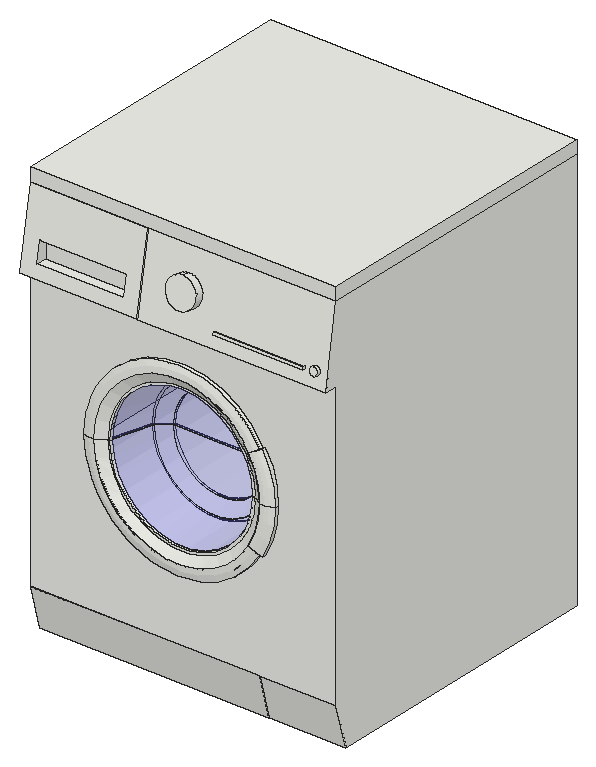
Revit family
Parameters (values of type "600mm x 590mm x 820mm")
  Profondeur = 590 mm
  Hauteur = 820 mm
  Finition = Peinture - Ivoire
Reference planes
  plane 1 "Arrière": y = 438.82
  plane 2: z = 0
  plane 3 "Centre (gauche/droite)": x = -38.495
  plane 4: x = -338.495
  plane 5: x = 261.505
  plane 6: y = -151.18
  plane 7: z = 795
  plane 8: z = 397.5
  plane 9: y = 383.82
  plane 10: z = 820
Forms (mm)
  Extrusion 1, solid, material "Peinture - Ivoire" <- "Finition"
    sketch origin (-338.495, 766.797, 1200) x (0, 1, 0) y (0, 0, 1)
      loop
        line (-327.977, -1200) -> (-327.977, -405) -> (-917.977, -405) -> (-944.426, -555) -> (-917.977, -555) -> (-917.977, -1116.213) -> (-914.761, -1115.351) -> (-914.498, -1116.333) -> (-917.977, -1117.265) -> (-895.808, -1200) -> (-327.977, -1200)
    from 0 to 600
  Revolve 2, solid, material "Peinture - Ivoire" <- "Finition"
    sketch origin (654.664, -1524, 397.5) x (0, -1, 0) y (1, 0, 0)
      loop
        line (-1372.82, -868.159) -> (-1367.82, -868.159) -> (-1367.82, -883.159) -> (-1362.636, -883.159)
        arc (-1362.636, -883.159) -> (-1358.034, -869.909) -> (-1356.842, -855.933) r 56.449
        line (-1356.842, -855.933) -> (-1367.82, -837.959) -> (-1367.82, -833.159) -> (-1372.82, -833.159) -> (-1372.82, -868.159)
      axis (-1372.82, -693.159) -> (-1356.842, -693.159)
    angle from 0 to 360
  Extrusion 3, void
    sketch origin (-903.776, -151.18, 1200) x (1, 0, 0) y (0, 0, 1)
      loop
        arc (680.281, -802.5) -> (816.916, -981.066) -> (1024.993, -895.865) r 185
        line (1024.993, -895.865) -> (1004.641, -884.114)
        arc (1004.641, -884.114) -> (1026.781, -802.5) -> (1004.641, -720.886) r 161.5
        line (1004.641, -720.886) -> (1024.993, -709.135)
        arc (1024.993, -709.135) -> (816.916, -623.934) -> (680.281, -802.5) r 185
      loop
        arc (675.281, -802.5) -> (816.105, -986.026) -> (1029.826, -897.5) r 190
        line (1029.826, -897.5) -> (1006.247, -883.887)
        arc (1006.247, -883.887) -> (1028.055, -802.5) -> (1006.247, -721.113) r 162.774
        line (1006.247, -721.113) -> (1029.826, -707.5)
        arc (1029.826, -707.5) -> (816.105, -618.974) -> (675.281, -802.5) r 190
    from 0 to 26.449
  Revolve 4, solid, material "Verre"
    sketch origin (654.664, -1524, 397.5) x (0, -1, 0) y (1, 0, 0)
      loop
        line (-1372.82, -833.159) -> (-1449.288, -811.233) -> (-1467.397, -787.201) -> (-1467.397, -693.159) -> (-1472.397, -693.159) -> (-1472.397, -787) -> (-1450.666, -815.837) -> (-1372.82, -838.159) -> (-1372.82, -833.159)
      axis (-1472.397, -693.159) -> (-1372.82, -693.159)
    angle from 0 to 360
  Extrusion 5, void
    sketch origin (-903.776, -151.18, 1200) x (1, 0, 0) y (0, 0, 1)
      loop
        circle (865.281, -802.5) r 162.774
    from 0 to -535
  Sweep 6, void
    path in 3D
      loop
        line (-338.495, -177.629, 645) -> (-338.495, -151.18, 795)
    profile origin (-338.495, -164.404, 720) x (0, 0.984808, -0.173648) y (-1, 0, 0)
      loop
        line (0, -230.429) -> (0, -232.452) -> (5, -232.452) -> (5, -230.429) -> (0, -230.429)
  Extrusion 7, void
    sketch origin (-338.495, 766.797, 1200) x (0, -1, 0) y (0, 0, 1)
      loop
        line (940.079, -530.343) -> (933.025, -490.343) -> (927.948, -490.343) -> (925.303, -475.343) -> (917.977, -475.343) -> (917.977, -530.343) -> (940.079, -530.343)
    from -199.973 to -30.014
  Sweep 8, void
    path in 3D
      loop
        line (261.505, -151.18, 82.735) -> (261.505, -129.011, 0)
    profile origin (261.505, -140.095, 41.367) x (0, 0.965926, 0.258819) y (1, 0, 0)
      loop
        line (0, -151.051) -> (9.143, -151.051) -> (9.143, -149.051) -> (0, -149.051) -> (0, -151.051)
  Extrusion 9, solid, material "Peinture - Ivoire" <- "Finition", detail levels medium+fine
    sketch origin (-338.495, -151.18, 795) x (0, -0.173648, -0.984808) y (1, 0, 0)
      loop
        circle (76.157, 317.452) r 30
    from 0 to 15
  Extrusion 10, solid, material "Peinture - Ivoire" <- "Finition", detail levels medium+fine
    sketch origin (-350.789, -153.965, 779.203) x (0, -0.173648, -0.984808) y (1, 0, 0)
      loop
        line (111.688, 392.294) -> (111.688, 567.294) -> (106.688, 567.294) -> (106.688, 392.294) -> (111.688, 392.294)
      loop
        circle (106.688, 589.142) r 8
    from 0 to 5
  Extrusion 11, solid, material "Peinture - Ivoire" <- "Finition"
    sketch origin (654.664, -1524, 795) x (0, -1, 0) y (-1, 0, 0)
      loop
        line (-1962.82, 993.159) -> (-1962.82, 393.159) -> (-1372.82, 393.159) -> (-1372.82, 993.159) -> (-1962.82, 993.159)
    from 0 to -25
Cuts and joins
  Extrusion 3, Extrusion 5, Sweep 6, Extrusion 7, Sweep 8 cuts Extrusion 1
  Extrusion 3 cuts Revolve 2
Lines and regions (mm)
  Masking region 1
    outline origin (654.664, -1524, 795) x (0, -1, 0) y (1, 0, 0)
      loop
        line (-1962.82, -993.159) -> (-1346.371, -993.159) -> (-1346.371, -393.159) -> (-1962.82, -393.159) -> (-1962.82, -993.159)
  sketch lines
    curve 1: line (-338.495, -177.629, 645) -> (-338.495, -151.18, 795)
    curve 2: line (261.505, -151.18, 82.735) -> (261.505, -129.011, 0)
  model lines, detail levels medium+fine
    curve 3: line (45.767, -168.708, 695.592) -> (165.767, -168.708, 695.592)
    curve 4: line (45.767, -159.157, 749.756) -> (45.767, -168.708, 695.592)
    curve 5: line (165.767, -159.157, 749.756) -> (45.767, -159.157, 749.756)
    curve 6: line (165.767, -168.708, 695.592) -> (165.767, -159.157, 749.756)
    curve 7: line (70.672, -178.284, 670.08) -> (70.672, -177.415, 675.004)
    curve 8: line (99.838, -178.284, 670.08) -> (99.838, -177.415, 675.004)
    curve 9: line (129.005, -178.284, 670.08) -> (129.005, -177.415, 675.004)
    curve 10: line (158.172, -178.284, 670.08) -> (158.172, -177.415, 675.004)
    curve 11: line (187.338, -178.284, 670.08) -> (187.338, -177.415, 675.004)
  model lines
    curve 12: line (-338.495, -151.18, 645) -> (-338.495, -151.18, 795)
  symbolic lines
    curve 13: line (261.505, -151.18, 795) -> (-338.495, -151.18, 795)
Dimensions and locks
  equal spacing: plane 4, plane 3 "Centre (gauche/droite)", plane 5
  "Profondeur": plane 6 to plane 1 "Arrière"
  locked: plane 4 to plane 5 at 600
  "Hauteur": plane 10 to level
  locked: Extrusion 1 sketch curve to plane 7 at 150
  locked: Extrusion 1 sketch curve to plane 6 at 26.449
  locked: plane 6 to Extrusion 1 sketch curve at 22.169
  equal spacing: plane 7, plane 8, plane 2
  locked: plane 10 to plane 7 at 25
  locked: plane 9 to plane 1 "Arrière" at 55
  aligned and locked: plane 5 to Extrusion 1
  aligned and locked: Extrusion 1 sketch curve to plane 1 "Arrière"
  aligned and locked: Extrusion 1 sketch curve to plane 7
  aligned and locked: Extrusion 1 sketch curve to plane 2
  aligned and locked: plane 3 "Centre (gauche/droite)" to Revolve 2 sketch curve
  aligned and locked: plane 3 "Centre (gauche/droite)" to Revolve 4 sketch curve
  aligned and locked: plane 9 to Extrusion 5
  aligned and locked: plane 4 to Extrusion 11 sketch curve
  aligned and locked: plane 6 to Extrusion 11 sketch curve
  aligned and locked: Extrusion 11 sketch curve to plane 5
  aligned and locked: plane 1 "Arrière" to Extrusion 11 sketch curve
  aligned and locked: Extrusion 11 to plane 10
  aligned and locked: Masking region 1 sketch curve to Extrusion 11  (x3)
  aligned and locked: Masking region 1 sketch curve to cut or joined group of Extrusion 1, Extrusion 3, Extrusion 5, Sweep 6, Extrusion 7, Sweep 8
  aligned and locked: plane 6 to curve 13
Automatic sketch dimensions
  Revolve 2 sketch curve to plane 6 = 0 mm
  plane 6 to Revolve 2 sketch curve = 40.426 mm
  Revolve 2 sketch curve to plane 6 = 5 mm  (x2)
  Revolve 2 sketch curve to Revolve 2 sketch curve = 5.184 mm
  Revolve 2 sketch curve to plane 6 = 15.978 mm
  Revolve 2 sketch curve to plane 6 = 30.122 mm
  Revolve 2 sketch curve to Revolve 2 sketch curve = 35 mm
  Revolve 2 sketch curve to plane 3 "Centre (gauche/droite)" = 140 mm
  Revolve 2 sketch curve to Revolve 2 sketch curve = 4.8 mm
  Revolve 2 sketch curve to Revolve 2 sketch curve = 17.974 mm
  Revolve 2 sketch curve to Revolve 2 sketch curve = 25 mm
  Revolve 2 sketch curve to Revolve 2 sketch curve = 15 mm
  Extrusion 3 sketch curve to Extrusion 3 sketch curve = 0 mm  (x8)
  Extrusion 3 sketch curve to plane 8 = 0 mm
  Extrusion 3 sketch curve to plane 3 "Centre (gauche/droite)" = 0 mm
  plane 4 to Extrusion 3 sketch curve = 115 mm
  Extrusion 3 sketch curve to Extrusion 3 sketch curve = 5 mm
  plane 3 "Centre (gauche/droite)" to Extrusion 3 sketch curve = 139.36 mm
  plane 8 to Extrusion 3 sketch curve = 81.614 mm
  Extrusion 3 sketch curve to Extrusion 3 sketch curve = 1.606 mm  (x2)
  Extrusion 3 sketch curve to plane 8 = 81.387 mm
  Extrusion 3 sketch curve to Extrusion 3 sketch curve = 18.746 mm
  Extrusion 3 sketch curve to plane 8 = 93.365 mm
  Extrusion 3 sketch curve to Extrusion 3 sketch curve = 4.832 mm  (x2)
  Extrusion 3 sketch curve to Extrusion 3 sketch curve = 11.978 mm
  Extrusion 5 sketch curve to plane 3 "Centre (gauche/droite)" = 0 mm
  Extrusion 5 sketch curve to plane 8 = 0 mm
  Revolve 4 sketch curve to plane 3 "Centre (gauche/droite)" = 0 mm
  Revolve 4 sketch curve to plane 6 = 0 mm
  plane 6 to Revolve 4 sketch curve = 74.577 mm
  plane 6 to Revolve 4 sketch curve = 76.468 mm
  Revolve 4 sketch curve to Revolve 4 sketch curve = 1.378 mm
  Revolve 4 sketch curve to Revolve 4 sketch curve = 20 mm
  Revolve 4 sketch curve to Revolve 4 sketch curve = 5 mm  (x2)
  Revolve 4 sketch curve to Revolve 4 sketch curve = 110 mm
  Revolve 4 sketch curve to Revolve 4 sketch curve = 93.84 mm
  Revolve 4 sketch curve to Revolve 4 sketch curve = 0.201 mm
  Revolve 4 sketch curve to Revolve 4 sketch curve = 24.032 mm
  Revolve 4 sketch curve to Revolve 4 sketch curve = 4.605 mm
  Revolve 4 sketch curve to Revolve 4 sketch curve = 21.927 mm
  Sweep 6 sketch curve to profile plane = 0 mm
  Sweep 6 sketch curve to profile plane = 5 mm
  Sweep 6 sketch curve to profile plane = 232.452 mm
  Sweep 6 sketch curve to Sweep 6 sketch curve = 2.023 mm
  Extrusion 7 sketch curve to plane 6 = 0 mm
  Extrusion 7 sketch curve to Extrusion 7 sketch curve = 7.326 mm
  Extrusion 7 sketch curve to plane 6 = 9.971 mm
  Extrusion 7 sketch curve to Extrusion 7 sketch curve = 5.077 mm
  Extrusion 7 sketch curve to Extrusion 7 sketch curve = 22.101 mm
  plane 7 to Extrusion 7 sketch curve = 125.343 mm
  Extrusion 7 sketch curve to Extrusion 7 sketch curve = 40 mm
  Extrusion 7 sketch curve to Extrusion 7 sketch curve = 15 mm
  Sweep 8 sketch curve to profile plane = 0 mm
  Sweep 8 sketch curve to profile plane = 9.143 mm
  Sweep 8 sketch curve to profile plane = 151.051 mm
  Sweep 8 sketch curve to Sweep 8 sketch curve = 2 mm
  Extrusion 1 sketch curve to plane 6 = 0 mm  (x3)
  plane 6 to Extrusion 1 sketch curve = 3.216 mm
  Extrusion 1 sketch curve to Extrusion 1 sketch curve = 0.263 mm
  level to Extrusion 1 sketch curve = 82.735 mm
  Extrusion 1 to Extrusion 9 sketch curve = 76.157 mm
  Extrusion 1 to Extrusion 9 sketch curve = 317.452 mm
  Extrusion 10 sketch curve to Extrusion 1 = 29.585 mm
  Extrusion 10 sketch curve to Extrusion 10 sketch curve = 0 mm
  Extrusion 10 sketch curve to Extrusion 10 sketch curve = 5 mm
  Extrusion 1 to Extrusion 10 sketch curve = 220 mm
  Extrusion 1 to Extrusion 10 sketch curve = 45 mm
  Extrusion 10 sketch curve to Extrusion 10 sketch curve = 21.849 mm
  curve 9 to Extrusion 10 = 0 mm  (x2)
  curve 7 to Extrusion 10 = 0 mm  (x2)
  curve 10 to Extrusion 10 = 0 mm  (x2)
  curve 8 to Extrusion 10 = 0 mm  (x2)
  curve 11 to Extrusion 10 = 0 mm  (x2)
  curve 7 to Extrusion 10 = 29.167 mm
  curve 7 to curve 8 = 29.167 mm
  curve 8 to curve 9 = 29.167 mm
  curve 9 to curve 10 = 29.167 mm
  curve 11 to Extrusion 10 = 29.167 mm
  Extrusion 1 to curve 5 = 45.942 mm
  curve 4 to Extrusion 1 = 51.372 mm
  Extrusion 1 to curve 5 = 215.739 mm
  Extrusion 1 to curve 5 = 95.739 mm
  curve 12 to Extrusion 1 = 0 mm  (x3)
  curve 13 to plane 4 = 0 mm
  curve 13 to plane 5 = 0 mm
  radius of Extrusion 5 sketch curve = 162.774 mm
  radius of Extrusion 9 sketch curve = 30 mm
  radius of Extrusion 10 sketch curve = 8 mm
